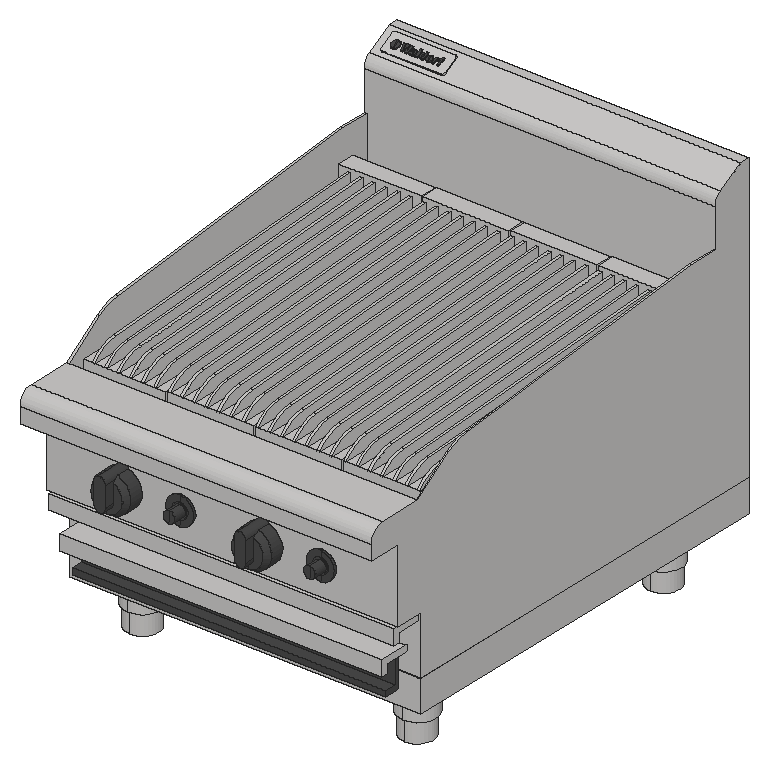
Revit family "QF_MOFFAT WALDORF_CH8600G-B", category Specialty Equipment, Revit 2012
Parameters
  Weight in Pounds = 0
  URL Cutsheet = "www.moffat.com"
  URL = "www.moffat.com"
  Type Mark [instance] = ""
  Status [instance] = ""
  Specification by User [instance] = ""
  Specification by Manufacturer = ""
  Show Logo [instance] = yes
  Serial Number = ""
  Seismic Rating = ""
  SMACNA No = ""
  Revision Code [instance] = ""
  Omniclass Number and Title = ""
  NAFEM Spec ID Number = ""
  Model = "CH8600G-B"
  Mechanical Remarks [instance] = ""
  Mechanical Connection Type [instance] = ""
  Masterspec = ""
  Manufacturer = "MOFFAT WALDORF"
  Item Number [instance] = ""
  Installed By [instance] = ""
  Identify Quantity as Lot [instance] = yes
  Gas Size = 3/4"
  Gas RI Height [instance] = 0 mm
  Gas KW [instance] = 18.3
  Gas Input [instance] = 62556.0 Btu/h
  Gas Connection Height = 0 mm
  Furnished By [instance] = ""
  Foodservice Equipment Identifier [instance] = yes
  Description = "CHARGRILL BENCH MOUNT"
  CSI MasterFormat = ""
  CSI Master Format = ""
  Body Finish = QF_Finishes_Stainless Steel
Reference planes
  plane 1 "BACK": y = 0
  plane 2: z = 0
  plane 3 "LEFT": x = 0
  plane 4 "RIGHT": x = 600
  plane 5 "FRONT": y = -805
  plane 6 "TOP": z = 630
  plane 7 "Center Y": x = 300
  plane 8 "Center X": y = -402.5
Forms (mm)
  Extrusion 1, solid, material "QF_Finishes_Stainless Steel" <- "Body Finish"
    sketch origin (0, 0, 0) x (0, 1, 0) y (0, 0, 1)
      loop
        line (-805, 391) -> (-805, 366) -> (-749, 366) -> (-749, 240) -> (-699, 240) -> (-699, 140) -> (0, 140) -> (0, 630) -> (-16.5, 630) -> (-58.709, 605.631)
        arc (-58.709, 605.631) -> (-66.975, 597.365) -> (-70, 586.074) r 22.582
        line (-70, 586.074) -> (-70, 375) -> (-705, 375) -> (-705, 415) -> (-781, 415)
        arc (-781, 415) -> (-797.971, 407.971) -> (-805, 391) r 24
      loop
        line (0, 85) -> (0, 139.206) -> (-699, 139.206) -> (-699, 85) -> (0, 85)
    from 0 to 600
  Revolve 2, solid, material "QF_Finishes_Stainless Steel" <- "Body Finish"
    sketch origin (535, -735, 0) x (0, 1, 0) y (0, 0, -1)
      loop
        line (78.25, -85) -> (110, -85) -> (110, 0) -> (82.5, 0) -> (82.5, -35) -> (78.25, -35) -> (78.25, -85)
      axis (110, -85) -> (110, 0)
    angle from 0 to 360
  Revolve 3, solid, material "QF_Finishes_Stainless Steel" <- "Body Finish"
    sketch origin (535, -210, 0) x (0, 1, 0) y (0, 0, -1)
      loop
        line (78.25, -85) -> (110, -85) -> (110, 0) -> (82.5, 0) -> (82.5, -35) -> (78.25, -35) -> (78.25, -85)
      axis (110, -85) -> (110, 0)
    angle from 0 to 360
  Revolve 4, solid, material "QF_Finishes_Stainless Steel" <- "Body Finish"
    sketch origin (65, -735, 0) x (0, 1, 0) y (0, 0, 1)
      loop
        line (78.25, 85) -> (78.25, 35) -> (82.5, 35) -> (82.5, 0) -> (110, 0) -> (110, 85) -> (78.25, 85)
      axis (110, 85) -> (110, 0)
    angle from 0 to 360
  Revolve 5, solid, material "QF_Finishes_Stainless Steel" <- "Body Finish"
    sketch origin (65, -210, 0) x (0, 1, 0) y (0, 0, 1)
      loop
        line (78.25, 85) -> (78.25, 35) -> (82.5, 35) -> (82.5, 0) -> (110, 0) -> (110, 85) -> (78.25, 85)
      axis (110, 85) -> (110, 0)
    angle from 0 to 360
  Extrusion 6, solid, material "QF_Finishes_Stainless Steel" <- "Body Finish"
    sketch origin (0, 0, 0) x (0, 1, 0) y (0, 0, 1)
      loop
        line (-121.455, 519.2) -> (-600.057, 473.116)
        arc (-600.057, 473.116) -> (-620.977, 468.81) -> (-640.506, 460.159) r 100
        line (-640.506, 460.159) -> (-705, 415) -> (-705, 375) -> (-70, 375) -> (-70, 519.2) -> (-121.455, 519.2)
    from 0 to 4.5
  Extrusion 7, solid, material "QF_Finishes_Stainless Steel" <- "Body Finish"
    sketch origin (600, 0, 0) x (0, 1, 0) y (0, 0, -1)
      loop
        line (-121.455, -519.2) -> (-70, -519.2) -> (-70, -375) -> (-705, -375) -> (-705, -415) -> (-640.506, -460.159)
        arc (-640.506, -460.159) -> (-620.977, -468.81) -> (-600.057, -473.116) r 100
        line (-600.057, -473.116) -> (-121.455, -519.2)
    from 0 to 3
  Revolve 8, solid, material "QF_Finishes_Black"
    sketch origin (138.112, 0, 0) x (0, 1, 0) y (0, 0, 1)
      loop
        line (-782, 329.5) -> (-793, 323.651) -> (-793, 297) -> (-749, 297) -> (-749, 302) -> (-759, 302) -> (-759, 329.5) -> (-782, 329.5)
      axis (-793, 297) -> (-749, 297)
    angle from 0 to 360
  Extrusion 9, solid, material "QF_Finishes_Black"
    sketch origin (0, 0, 0) x (1, 0, 0) y (0, 0, 1)
      loop
        line (148.3, 289) -> (148.3, 324)
        arc (148.3, 324) -> (138.3, 334) -> (128.3, 324) r 10
        line (128.3, 324) -> (128.3, 289)
        arc (128.3, 289) -> (138.3, 279) -> (148.3, 289) r 10
    from 759 to 808
  Revolve 10, solid, material "QF_Finishes_Black"
    sketch origin (378.544, 0, 0) x (0, 1, 0) y (0, 0, -1)
      loop
        line (-782, -329.5) -> (-759, -329.5) -> (-759, -302) -> (-749, -302) -> (-749, -297) -> (-793, -297) -> (-793, -323.651) -> (-782, -329.5)
      axis (-793, -297) -> (-749, -297)
    angle from 0 to 360
  Extrusion 11, solid, material "QF_Finishes_Black"
    sketch origin (516.656, 0, 0) x (-1, 0, 0) y (0, 0, -1)
      loop
        arc (148.3, -289) -> (138.3, -279) -> (128.3, -289) r 10
        line (128.3, -289) -> (128.3, -324)
        arc (128.3, -324) -> (138.3, -334) -> (148.3, -324) r 10
        line (148.3, -324) -> (148.3, -289)
    from 759 to 808
  Revolve 12, solid, material "QF_Finishes_Black"
    sketch origin (238.3, 0, 0) x (0, 1, 0) y (0, 0, 1)
      loop
        line (-759, 302) -> (-759, 321) -> (-761.705, 321) -> (-761.705, 309.85) -> (-762.85, 309.85) -> (-762.85, 306.825) -> (-784.88, 306.825) -> (-784.88, 297) -> (-749, 297) -> (-749, 302) -> (-759, 302)
      axis (-749, 297) -> (-784.88, 297)
    angle from 0 to 360
  Revolve 13, solid, material "QF_Finishes_Black"
    sketch origin (478.3, 0, 0) x (0, 1, 0) y (0, 0, 1)
      loop
        line (-759, 302) -> (-759, 321) -> (-761.705, 321) -> (-761.705, 309.85) -> (-762.85, 309.85) -> (-762.85, 306.825) -> (-784.88, 306.825) -> (-784.88, 297) -> (-749, 297) -> (-749, 302) -> (-759, 302)
      axis (-749, 297) -> (-784.88, 297)
    angle from 0 to 360
  Extrusion 14, solid, material "QF_Finishes_Stainless Steel"
    sketch origin (276, 0, 0) x (0, 1, 0) y (0, 0, 1)
      loop
        line (-132, 410.364) -> (-132, 462.849) -> (-630.852, 432.53)
        arc (-630.852, 432.53) -> (-656.098, 425.97) -> (-677, 410.364) r 67.81
        line (-677, 410.364) -> (-132, 410.364)
    from 0 to 4.5
  Extrusion 15, solid, material "QF_Finishes_Stainless Steel"
    sketch origin (255, 0, 0) x (0, 1, 0) y (0, 0, 1)
      loop
        line (-132, 410.364) -> (-132, 462.849) -> (-630.852, 432.53)
        arc (-630.852, 432.53) -> (-656.098, 425.97) -> (-677, 410.364) r 67.81
        line (-677, 410.364) -> (-132, 410.364)
    from 0 to 4.5
  Extrusion 16, solid, material "QF_Finishes_Stainless Steel"
    sketch origin (234, 0, 0) x (0, 1, 0) y (0, 0, 1)
      loop
        line (-132, 410.364) -> (-132, 462.849) -> (-630.852, 432.53)
        arc (-630.852, 432.53) -> (-656.098, 425.97) -> (-677, 410.364) r 67.81
        line (-677, 410.364) -> (-132, 410.364)
    from 0 to 4.5
  Extrusion 17, solid, material "QF_Finishes_Stainless Steel"
    sketch origin (213, 0, 0) x (0, 1, 0) y (0, 0, 1)
      loop
        line (-132, 410.364) -> (-132, 462.849) -> (-630.852, 432.53)
        arc (-630.852, 432.53) -> (-656.098, 425.97) -> (-677, 410.364) r 67.81
        line (-677, 410.364) -> (-132, 410.364)
    from 0 to 4.5
  Extrusion 18, solid, material "QF_Finishes_Stainless Steel"
    sketch origin (192, 0, 0) x (0, 1, 0) y (0, 0, 1)
      loop
        line (-132, 410.364) -> (-132, 462.849) -> (-630.852, 432.53)
        arc (-630.852, 432.53) -> (-656.098, 425.97) -> (-677, 410.364) r 67.81
        line (-677, 410.364) -> (-132, 410.364)
    from 0 to 4.5
  Extrusion 19, solid, material "QF_Finishes_Stainless Steel"
    sketch origin (171, 0, 0) x (0, 1, 0) y (0, 0, 1)
      loop
        line (-132, 410.364) -> (-132, 462.849) -> (-630.852, 432.53)
        arc (-630.852, 432.53) -> (-656.098, 425.97) -> (-677, 410.364) r 67.81
        line (-677, 410.364) -> (-132, 410.364)
    from 0 to 4.5
  Extrusion 20, solid, material "QF_Finishes_Stainless Steel"
    sketch origin (150, 0, 0) x (0, 1, 0) y (0, 0, 1)
      loop
        line (-132, 410.364) -> (-132, 462.849) -> (-630.852, 432.53)
        arc (-630.852, 432.53) -> (-656.098, 425.97) -> (-677, 410.364) r 67.81
        line (-677, 410.364) -> (-132, 410.364)
    from 0 to 4.5
  Extrusion 21, solid, material "QF_Finishes_Stainless Steel"
    sketch origin (126, 0, 0) x (0, 1, 0) y (0, 0, 1)
      loop
        line (-132, 410.364) -> (-132, 462.849) -> (-630.852, 432.53)
        arc (-630.852, 432.53) -> (-656.098, 425.97) -> (-677, 410.364) r 67.81
        line (-677, 410.364) -> (-132, 410.364)
    from 0 to 4.5
  Extrusion 22, solid, material "QF_Finishes_Stainless Steel"
    sketch origin (105, 0, 0) x (0, 1, 0) y (0, 0, 1)
      loop
        line (-132, 410.364) -> (-132, 462.849) -> (-630.852, 432.53)
        arc (-630.852, 432.53) -> (-656.098, 425.97) -> (-677, 410.364) r 67.81
        line (-677, 410.364) -> (-132, 410.364)
    from 0 to 4.5
  Extrusion 23, solid, material "QF_Finishes_Stainless Steel"
    sketch origin (84, 0, 0) x (0, 1, 0) y (0, 0, 1)
      loop
        line (-132, 410.364) -> (-132, 462.849) -> (-630.852, 432.53)
        arc (-630.852, 432.53) -> (-656.098, 425.97) -> (-677, 410.364) r 67.81
        line (-677, 410.364) -> (-132, 410.364)
    from 0 to 4.5
  Extrusion 24, solid, material "QF_Finishes_Stainless Steel"
    sketch origin (63, 0, 0) x (0, 1, 0) y (0, 0, 1)
      loop
        line (-132, 410.364) -> (-132, 462.849) -> (-630.852, 432.53)
        arc (-630.852, 432.53) -> (-656.098, 425.97) -> (-677, 410.364) r 67.81
        line (-677, 410.364) -> (-132, 410.364)
    from 0 to 4.5
  Extrusion 25, solid, material "QF_Finishes_Stainless Steel"
    sketch origin (42, 0, 0) x (0, 1, 0) y (0, 0, 1)
      loop
        line (-132, 410.364) -> (-132, 462.849) -> (-630.852, 432.53)
        arc (-630.852, 432.53) -> (-656.098, 425.97) -> (-677, 410.364) r 67.81
        line (-677, 410.364) -> (-132, 410.364)
    from 0 to 4.5
  Extrusion 26, solid, material "QF_Finishes_Stainless Steel"
    sketch origin (21, 0, 0) x (0, 1, 0) y (0, 0, 1)
      loop
        line (-132, 410.364) -> (-132, 462.849) -> (-630.852, 432.53)
        arc (-630.852, 432.53) -> (-656.098, 425.97) -> (-677, 410.364) r 67.81
        line (-677, 410.364) -> (-132, 410.364)
    from 0 to 4.5
  Extrusion 27, solid, material "QF_Finishes_Stainless Steel"
    sketch origin (426, 0, 0) x (0, 1, 0) y (0, 0, 1)
      loop
        line (-132, 410.364) -> (-132, 462.849) -> (-630.852, 432.53)
        arc (-630.852, 432.53) -> (-656.098, 425.97) -> (-677, 410.364) r 67.81
        line (-677, 410.364) -> (-132, 410.364)
    from 0 to 4.5
  Extrusion 28, solid, material "QF_Finishes_Stainless Steel"
    sketch origin (405, 0, 0) x (0, 1, 0) y (0, 0, 1)
      loop
        line (-132, 410.364) -> (-132, 462.849) -> (-630.852, 432.53)
        arc (-630.852, 432.53) -> (-656.098, 425.97) -> (-677, 410.364) r 67.81
        line (-677, 410.364) -> (-132, 410.364)
    from 0 to 4.5
  Extrusion 29, solid, material "QF_Finishes_Stainless Steel"
    sketch origin (384, 0, 0) x (0, 1, 0) y (0, 0, 1)
      loop
        line (-132, 410.364) -> (-132, 462.849) -> (-630.852, 432.53)
        arc (-630.852, 432.53) -> (-656.098, 425.97) -> (-677, 410.364) r 67.81
        line (-677, 410.364) -> (-132, 410.364)
    from 0 to 4.5
  Extrusion 30, solid, material "QF_Finishes_Stainless Steel"
    sketch origin (363, 0, 0) x (0, 1, 0) y (0, 0, 1)
      loop
        line (-132, 410.364) -> (-132, 462.849) -> (-630.852, 432.53)
        arc (-630.852, 432.53) -> (-656.098, 425.97) -> (-677, 410.364) r 67.81
        line (-677, 410.364) -> (-132, 410.364)
    from 0 to 4.5
  Extrusion 31, solid, material "QF_Finishes_Stainless Steel"
    sketch origin (342, 0, 0) x (0, 1, 0) y (0, 0, 1)
      loop
        line (-132, 410.364) -> (-132, 462.849) -> (-630.852, 432.53)
        arc (-630.852, 432.53) -> (-656.098, 425.97) -> (-677, 410.364) r 67.81
        line (-677, 410.364) -> (-132, 410.364)
    from 0 to 4.5
  Extrusion 32, solid, material "QF_Finishes_Stainless Steel"
    sketch origin (321, 0, 0) x (0, 1, 0) y (0, 0, 1)
      loop
        line (-132, 410.364) -> (-132, 462.849) -> (-630.852, 432.53)
        arc (-630.852, 432.53) -> (-656.098, 425.97) -> (-677, 410.364) r 67.81
        line (-677, 410.364) -> (-132, 410.364)
    from 0 to 4.5
  Extrusion 33, solid, material "QF_Finishes_Stainless Steel"
    sketch origin (300, 0, 0) x (0, 1, 0) y (0, 0, 1)
      loop
        line (-132, 410.364) -> (-132, 462.849) -> (-630.852, 432.53)
        arc (-630.852, 432.53) -> (-656.098, 425.97) -> (-677, 410.364) r 67.81
        line (-677, 410.364) -> (-132, 410.364)
    from 0 to 4.5
  Extrusion 34, solid, material "QF_Finishes_Stainless Steel"
    sketch origin (576, 0, 0) x (0, 1, 0) y (0, 0, 1)
      loop
        line (-132, 410.364) -> (-132, 462.849) -> (-630.852, 432.53)
        arc (-630.852, 432.53) -> (-656.098, 425.97) -> (-677, 410.364) r 67.81
        line (-677, 410.364) -> (-132, 410.364)
    from 0 to 4.5
  Extrusion 35, solid, material "QF_Finishes_Stainless Steel"
    sketch origin (555, 0, 0) x (0, 1, 0) y (0, 0, 1)
      loop
        line (-132, 410.364) -> (-132, 462.849) -> (-630.852, 432.53)
        arc (-630.852, 432.53) -> (-656.098, 425.97) -> (-677, 410.364) r 67.81
        line (-677, 410.364) -> (-132, 410.364)
    from 0 to 4.5
  Extrusion 36, solid, material "QF_Finishes_Stainless Steel"
    sketch origin (534, 0, 0) x (0, 1, 0) y (0, 0, 1)
      loop
        line (-132, 410.364) -> (-132, 462.849) -> (-630.852, 432.53)
        arc (-630.852, 432.53) -> (-656.098, 425.97) -> (-677, 410.364) r 67.81
        line (-677, 410.364) -> (-132, 410.364)
    from 0 to 4.5
  Extrusion 37, solid, material "QF_Finishes_Stainless Steel"
    sketch origin (513, 0, 0) x (0, 1, 0) y (0, 0, 1)
      loop
        line (-132, 410.364) -> (-132, 462.849) -> (-630.852, 432.53)
        arc (-630.852, 432.53) -> (-656.098, 425.97) -> (-677, 410.364) r 67.81
        line (-677, 410.364) -> (-132, 410.364)
    from 0 to 4.5
  Extrusion 38, solid, material "QF_Finishes_Stainless Steel"
    sketch origin (492, 0, 0) x (0, 1, 0) y (0, 0, 1)
      loop
        line (-132, 410.364) -> (-132, 462.849) -> (-630.852, 432.53)
        arc (-630.852, 432.53) -> (-656.098, 425.97) -> (-677, 410.364) r 67.81
        line (-677, 410.364) -> (-132, 410.364)
    from 0 to 4.5
  Extrusion 39, solid, material "QF_Finishes_Stainless Steel"
    sketch origin (471, 0, 0) x (0, 1, 0) y (0, 0, 1)
      loop
        line (-132, 410.364) -> (-132, 462.849) -> (-630.852, 432.53)
        arc (-630.852, 432.53) -> (-656.098, 425.97) -> (-677, 410.364) r 67.81
        line (-677, 410.364) -> (-132, 410.364)
    from 0 to 4.5
  Extrusion 40, solid, material "QF_Finishes_Stainless Steel"
    sketch origin (450, 0, 0) x (0, 1, 0) y (0, 0, 1)
      loop
        line (-132, 410.364) -> (-132, 462.849) -> (-630.852, 432.53)
        arc (-630.852, 432.53) -> (-656.098, 425.97) -> (-677, 410.364) r 67.81
        line (-677, 410.364) -> (-132, 410.364)
    from 0 to 4.5
  Extrusion 41, solid, material "QF_Finishes_Stainless Steel"
    sketch origin (1, 3, -500) x (1, 0, 0) y (0, 1, 0)
      loop
        circle (215, -35) r 13.5
    from 555 to 585
  Extrusion 42, solid, material "QF_Finishes_Black"
    sketch origin (1, 0, 0) x (0, 1, 0) y (0, 0, 1)
      loop
        line (-704, 171.797) -> (-704, 118.047) -> (-724, 118.047) -> (-724, 108.047) -> (-685.346, 108.047) -> (-685.346, 171.797) -> (-704, 171.797)
    from 24.12 to 559
  Extrusion 43, solid, material "QF_Finishes_Stainless Steel"
    sketch origin (0, 0, 0) x (0, 1, 0) y (0, 0, 1)
      loop
        line (-751.27, 211.219) -> (-741.27, 211.219) -> (-741.27, 226.219) -> (-699, 226.219) -> (-699, 236.219) -> (-751.27, 236.219) -> (-751.27, 211.219)
    from 5.013 to 595
  Extrusion 44, solid, material "QF_Finishes_Stainless Steel"
    sketch origin (0, 0, -54.422) x (0, 1, 0) y (0, 0, 1)
      loop
        line (-751.27, 211.219) -> (-741.27, 211.219) -> (-741.27, 226.219) -> (-685.346, 226.219) -> (-685.346, 236.219) -> (-751.27, 236.219) -> (-751.27, 211.219)
    from 25.12 to 575.007
  Extrusion 45, solid, material "QF_Finishes_Stainless Steel"
    sketch origin (0, 0, 0) x (0, 1, 0) y (0, 0, 1)
      loop
        line (-132, 410.364) -> (-677, 410.364) -> (-677, 375) -> (-102, 375) -> (-102, 470) -> (-132, 470) -> (-132, 410.364)
    from 4.5 to 147
  Extrusion 46, solid, material "QF_Finishes_Stainless Steel"
    sketch origin (145.5, 0, 0) x (0, 1, 0) y (0, 0, 1)
      loop
        line (-132, 410.364) -> (-677, 410.364) -> (-677, 375) -> (-102, 375) -> (-102, 470) -> (-132, 470) -> (-132, 410.364)
    from 4.5 to 151.5
  Extrusion 47, solid, material "QF_Finishes_Stainless Steel"
    sketch origin (295.5, 0, 0) x (0, 1, 0) y (0, 0, 1)
      loop
        line (-132, 410.364) -> (-677, 410.364) -> (-677, 375) -> (-102, 375) -> (-102, 470) -> (-132, 470) -> (-132, 410.364)
    from 4.5 to 151.5
  Extrusion 48, solid, material "QF_Finishes_Stainless Steel"
    sketch origin (445.5, 0, 0) x (0, 1, 0) y (0, 0, 1)
      loop
        line (-132, 410.364) -> (-677, 410.364) -> (-677, 375) -> (-102, 375) -> (-102, 470) -> (-132, 470) -> (-132, 410.364)
    from 4.5 to 151.5
Cuts and joins
  joined: Revolve 8, Extrusion 9
  joined: Revolve 10, Extrusion 11
  joined: Extrusion 1, Extrusion 6, Extrusion 7
Lines and regions (mm)
  Split face 1
    outline origin (0, -16.5, 630) x (0, -0.866025, -0.5) y (1, 0, 0)
      loop
        line (1.962, 129.583) -> (34.599, 129.583) -> (34.599, 149.583) -> (1.962, 149.583) -> (1.962, 129.583)
  Split face 2
    outline origin (0, -16.5, 630) x (0, -0.866025, -0.5) y (1, 0, 0)
      loop
        line (34.599, 156.5) -> (34.599, 176.5) -> (1.962, 176.5) -> (1.962, 156.5) -> (34.599, 156.5)
  Split face 3
    outline origin (0, -16.5, 630) x (0, -0.866025, -0.5) y (1, 0, 0)
      loop
        line (34.599, 203.5) -> (1.962, 203.5) -> (1.962, 183.5) -> (34.599, 183.5) -> (34.599, 203.5)
  Split face 4
    outline origin (0, -16.5, 630) x (0, -0.866025, -0.5) y (1, 0, 0)
      loop
        line (34.599, 230.5) -> (1.962, 230.5) -> (1.962, 210.5) -> (34.599, 210.5) -> (34.599, 230.5)
  Split face 5
    outline origin (0, -16.5, 630) x (0, -0.866025, -0.5) y (1, 0, 0)
      loop
        line (34.599, 257.5) -> (1.962, 257.5) -> (1.962, 237.5) -> (34.599, 237.5) -> (34.599, 257.5)
  Split face 6
    outline origin (0, -16.5, 630) x (0, -0.866025, -0.5) y (1, 0, 0)
      loop
        line (34.599, 264.5) -> (34.599, 284.5) -> (1.962, 284.5) -> (1.962, 264.5) -> (34.599, 264.5)
  Split face 7
    outline origin (0, -16.5, 630) x (0, -0.866025, -0.5) y (1, 0, 0)
      loop
        line (34.599, 311.5) -> (1.962, 311.5) -> (1.962, 291.5) -> (34.599, 291.5) -> (34.599, 311.5)
  Split face 8
    outline origin (0, -16.5, 630) x (0, -0.866025, -0.5) y (1, 0, 0)
      loop
        line (1.962, 338.5) -> (1.962, 318.5) -> (34.599, 318.5) -> (34.599, 338.5) -> (1.962, 338.5)
  Split face 9
    outline origin (0, -16.5, 630) x (0, -0.866025, -0.5) y (1, 0, 0)
      loop
        line (1.962, 345.5) -> (34.599, 345.5) -> (34.599, 365.5) -> (1.962, 365.5) -> (1.962, 345.5)
  Split face 10
    outline origin (0, -16.5, 630) x (0, -0.866025, -0.5) y (1, 0, 0)
      loop
        line (34.599, 372.5) -> (34.599, 392.5) -> (1.962, 392.5) -> (1.962, 372.5) -> (34.599, 372.5)
  Split face 11
    outline origin (0, -16.5, 630) x (0, -0.866025, -0.5) y (1, 0, 0)
      loop
        line (34.599, 399.5) -> (34.599, 419.5) -> (1.962, 419.5) -> (1.962, 399.5) -> (34.599, 399.5)
  Split face 12
    outline origin (0, -16.5, 630) x (0, -0.866025, -0.5) y (1, 0, 0)
      loop
        line (34.599, 426.5) -> (34.599, 446.5) -> (1.962, 446.5) -> (1.962, 426.5) -> (34.599, 426.5)
  Split face 13
    outline origin (0, -16.5, 630) x (0, -0.866025, -0.5) y (1, 0, 0)
      loop
        line (1.962, 453.5) -> (34.599, 453.5) -> (34.599, 473.5) -> (1.962, 473.5) -> (1.962, 453.5)
  Split face 14
    outline origin (600, -699, 240) x (-1, 0, 0) y (0, 0, -1)
      loop
        line (574.88, 98.75) -> (24.993, 98.75) -> (24.993, 1.25) -> (574.88, 1.25) -> (574.88, 98.75)
  symbolic lines
    curve 1: line (0, 0, 0) -> (0, -805, 0)
    curve 2: line (600, 0, 0) -> (0, 0, 0)
    curve 3: line (600, -805, 0) -> (600, 0, 0)
    curve 4: line (0, -70, 0) -> (600, -70, 0)
    curve 5: line (0, -805, 0) -> (600, -805, 0)
    curve 6: line (12.5, -51.234, 0) -> (12.5, -20.958, 0)
    curve 7: line (12.5, -20.958, 0) -> (121.5, -20.958, 0)
    curve 8: line (12.5, -51.234, 0) -> (121.5, -51.234, 0)
    curve 9: line (121.5, -20.958, 0) -> (121.5, -51.234, 0)
    curve 10: line (129.583, -22.262, 0) -> (129.583, -50.526, 0)
    curve 11: line (129.583, -50.526, 0) -> (149.583, -50.526, 0)
    curve 12: line (149.583, -50.526, 0) -> (149.583, -22.262, 0)
    curve 13: line (149.583, -22.262, 0) -> (129.583, -22.262, 0)
    curve 14: line (156.5, -22.262, 0) -> (156.5, -50.526, 0)
    curve 15: line (156.5, -50.526, 0) -> (176.5, -50.526, 0)
    curve 16: line (176.5, -50.526, 0) -> (176.5, -22.262, 0)
    curve 17: line (176.5, -22.262, 0) -> (156.5, -22.262, 0)
    curve 18: line (183.5, -22.262, 0) -> (183.5, -50.526, 0)
    curve 19: line (183.5, -50.526, 0) -> (203.5, -50.526, 0)
    curve 20: line (203.5, -50.526, 0) -> (203.5, -22.262, 0)
    curve 21: line (203.5, -22.262, 0) -> (183.5, -22.262, 0)
    curve 22: line (210.5, -22.262, 0) -> (210.5, -50.526, 0)
    curve 23: line (210.5, -50.526, 0) -> (230.5, -50.526, 0)
    curve 24: line (230.5, -50.526, 0) -> (230.5, -22.262, 0)
    curve 25: line (230.5, -22.262, 0) -> (210.5, -22.262, 0)
    curve 26: line (237.5, -22.262, 0) -> (237.5, -50.526, 0)
    curve 27: line (237.5, -50.526, 0) -> (257.5, -50.526, 0)
    curve 28: line (257.5, -50.526, 0) -> (257.5, -22.262, 0)
    curve 29: line (257.5, -22.262, 0) -> (237.5, -22.262, 0)
    curve 30: line (264.5, -22.262, 0) -> (264.5, -50.526, 0)
    curve 31: line (264.5, -50.526, 0) -> (284.5, -50.526, 0)
    curve 32: line (284.5, -50.526, 0) -> (284.5, -22.262, 0)
    curve 33: line (284.5, -22.262, 0) -> (264.5, -22.262, 0)
    curve 34: line (291.5, -22.262, 0) -> (291.5, -50.526, 0)
    curve 35: line (291.5, -50.526, 0) -> (311.5, -50.526, 0)
    curve 36: line (311.5, -50.526, 0) -> (311.5, -22.262, 0)
    curve 37: line (311.5, -22.262, 0) -> (291.5, -22.262, 0)
    curve 38: line (318.5, -22.262, 0) -> (318.5, -50.526, 0)
    curve 39: line (318.5, -50.526, 0) -> (338.5, -50.526, 0)
    curve 40: line (338.5, -50.526, 0) -> (338.5, -22.262, 0)
    curve 41: line (338.5, -22.262, 0) -> (318.5, -22.262, 0)
    curve 42: line (345.5, -22.262, 0) -> (345.5, -50.526, 0)
    curve 43: line (345.5, -50.526, 0) -> (365.5, -50.526, 0)
    curve 44: line (365.5, -50.526, 0) -> (365.5, -22.262, 0)
    curve 45: line (365.5, -22.262, 0) -> (345.5, -22.262, 0)
    curve 46: line (372.5, -22.262, 0) -> (372.5, -50.526, 0)
    curve 47: line (372.5, -50.526, 0) -> (392.5, -50.526, 0)
    curve 48: line (392.5, -50.526, 0) -> (392.5, -22.262, 0)
    curve 49: line (392.5, -22.262, 0) -> (372.5, -22.262, 0)
    curve 50: line (399.5, -22.262, 0) -> (399.5, -50.526, 0)
    curve 51: line (399.5, -50.526, 0) -> (419.5, -50.526, 0)
    curve 52: line (419.5, -50.526, 0) -> (419.5, -22.262, 0)
    curve 53: line (419.5, -22.262, 0) -> (399.5, -22.262, 0)
    curve 54: line (426.5, -22.262, 0) -> (426.5, -50.526, 0)
    curve 55: line (426.5, -50.526, 0) -> (446.5, -50.526, 0)
    curve 56: line (446.5, -50.526, 0) -> (446.5, -22.262, 0)
    curve 57: line (446.5, -22.262, 0) -> (426.5, -22.262, 0)
    curve 58: line (453.5, -22.262, 0) -> (453.5, -50.526, 0)
    curve 59: line (453.5, -50.526, 0) -> (473.5, -50.526, 0)
    curve 60: line (473.5, -50.526, 0) -> (473.5, -22.262, 0)
    curve 61: line (473.5, -22.262, 0) -> (453.5, -22.262, 0)
    curve 62: line (600, -705, 0) -> (0, -705, 0)
    curve 63: line (4.5, -705, 0) -> (4.5, -70, 0)
    curve 64: line (597, -70, 0) -> (597, -705, 0)
Dimensions and locks
  equal spacing: plane 3 "LEFT", plane 7 "Center Y", plane 4 "RIGHT"
  plane 3 "LEFT" to plane 4 "RIGHT" = 600 mm
  equal spacing: plane 5 "FRONT", plane 8 "Center X", plane 1 "BACK"
  plane 5 "FRONT" to plane 1 "BACK" = 805 mm  (x2)
  equal spacing: plane 4 "RIGHT", plane 7 "Center Y", plane 3 "LEFT"
  plane 4 "RIGHT" to plane 3 "LEFT" = 600 mm
  plane 6 "TOP" to level = 630 mm  (x2)
  cut or joined group of Extrusion 1, Extrusion 6, Extrusion 7 to level = 415 mm
  Extrusion 41 to level = 55 mm
  Extrusion 41 to plane 1 "BACK" = 32 mm
  cut or joined group of Extrusion 1, Extrusion 6, Extrusion 7 to plane 1 "BACK" = 70 mm
  level to cut or joined group of Extrusion 1, Extrusion 6, Extrusion 7 = 85 mm
  aligned and locked: level to plane 2
  aligned and locked: curve 3 to plane 4 "RIGHT"
  aligned and locked: Extrusion 42 to Extrusion 44
Automatic sketch dimensions
  plane 1 "BACK" to curve 1 = 0 mm
  curve 1 to plane 3 "LEFT" = 0 mm
  plane 5 "FRONT" to curve 5 = 0 mm
  plane 3 "LEFT" to curve 8 = 12.5 mm
  plane 1 "BACK" to curve 9 = 20.958 mm
  curve 6 to curve 9 = 109 mm
  curve 8 to curve 10 = 8.083 mm
  curve 10 to curve 12 = 20 mm
  curve 11 to curve 14 = 6.917 mm
  curve 14 to curve 16 = 20 mm
  curve 15 to curve 18 = 7 mm
  curve 18 to curve 19 = 20 mm
  curve 20 to curve 25 = 7 mm
  curve 22 to curve 25 = 20 mm
  curve 23 to curve 27 = 7 mm
  curve 26 to curve 27 = 20 mm
  curve 28 to curve 30 = 7 mm
  curve 32 to plane 7 "Center Y" = 15.5 mm
  curve 31 to curve 34 = 7 mm
  plane 7 "Center Y" to curve 37 = 11.5 mm
  curve 36 to curve 41 = 7 mm
  curve 38 to curve 40 = 20 mm
  curve 40 to curve 45 = 7 mm
  curve 42 to curve 44 = 20 mm
  curve 44 to curve 49 = 7 mm
  curve 46 to curve 48 = 20 mm
  curve 48 to curve 53 = 7 mm
  curve 50 to curve 52 = 20 mm
  curve 51 to curve 54 = 7 mm
  curve 54 to curve 56 = 20 mm
  curve 56 to curve 58 = 7 mm
  curve 58 to curve 61 = 20 mm
  curve 4 to curve 6 = 49.042 mm
  curve 4 to curve 6 = 18.766 mm
  plane 1 "BACK" to curve 59 = 50.526 mm
  curve 55 to curve 58 = 0 mm
  plane 1 "BACK" to curve 31 = 50.526 mm
  curve 52 to curve 54 = 0 mm  (x2)
  curve 8 to curve 10 = 0.709 mm
  curve 48 to curve 50 = 0 mm  (x2)
  curve 11 to curve 14 = 0 mm
  curve 44 to curve 46 = 0 mm  (x2)
  curve 15 to curve 18 = 0 mm
  curve 40 to curve 42 = 0 mm  (x2)
  curve 19 to curve 22 = 0 mm
  curve 36 to curve 38 = 0 mm  (x2)
  curve 23 to curve 26 = 0 mm
  plane 1 "BACK" to curve 61 = 22.262 mm
  plane 1 "BACK" to curve 32 = 22.262 mm
  curve 32 to curve 34 = 0 mm
  plane 1 "BACK" to curve 29 = 22.262 mm
  plane 1 "BACK" to curve 25 = 22.262 mm
  plane 1 "BACK" to curve 21 = 22.262 mm
  plane 1 "BACK" to curve 17 = 22.262 mm
  curve 13 to curve 7 = 1.304 mm
  Extrusion 1 sketch curve to plane 5 "FRONT" = 0 mm
  Extrusion 1 sketch curve to plane 6 "TOP" = 0 mm
  Extrusion 1 sketch curve to plane 1 "BACK" = 0 mm  (x2)
  Extrusion 1 sketch curve to Extrusion 1 sketch curve = 24 mm
  Extrusion 1 sketch curve to plane 5 "FRONT" = 56 mm
  Extrusion 1 sketch curve to Extrusion 1 sketch curve = 44 mm
  Extrusion 1 sketch curve to Extrusion 1 sketch curve = 50 mm
  Extrusion 1 sketch curve to Extrusion 1 sketch curve = 0 mm
  plane 1 "BACK" to Extrusion 1 sketch curve = 70 mm
  Extrusion 1 sketch curve to Extrusion 1 sketch curve = 11.291 mm
  Extrusion 1 sketch curve to Extrusion 1 sketch curve = 22.582 mm
  plane 1 "BACK" to Extrusion 1 sketch curve = 16.5 mm
  Extrusion 1 sketch curve to plane 6 "TOP" = 24.369 mm
  Extrusion 1 sketch curve to plane 6 "TOP" = 215 mm
  Extrusion 1 sketch curve to Extrusion 1 sketch curve = 211.074 mm
  Extrusion 1 sketch curve to Extrusion 1 sketch curve = 25 mm
  Extrusion 1 sketch curve to Extrusion 1 sketch curve = 135 mm
  Extrusion 1 sketch curve to Extrusion 1 sketch curve = 100 mm
  Extrusion 1 sketch curve to Extrusion 1 sketch curve = 0.794 mm
  Extrusion 1 sketch curve to Extrusion 1 sketch curve = 54.206 mm
  Revolve 2 sketch curve to level = 0 mm
  Revolve 2 sketch curve to Revolve 2 sketch curve = 4.25 mm
  Revolve 2 sketch curve to Revolve 2 sketch curve = 31.75 mm
  Revolve 2 sketch curve to Revolve 2 sketch curve = 0 mm
  level to Revolve 2 sketch curve = 35 mm
  Revolve 2 sketch curve to Revolve 2 sketch curve = 15 mm
  Revolve 2 sketch curve to Revolve 2 sketch curve = 35 mm
  Revolve 2 sketch curve to Revolve 2 sketch curve = 55 mm
  Extrusion 1 to Split face 1 sketch curve = 1.962 mm
  Split face 1 sketch curve to Extrusion 1 = 14.14 mm
  Split face 1 sketch curve to Extrusion 1 = 129.583 mm
  Split face 1 sketch curve to Split face 1 sketch curve = 20 mm
  Extrusion 1 to Split face 2 sketch curve = 1.962 mm
  Split face 2 sketch curve to Extrusion 1 = 14.14 mm
  Split face 2 sketch curve to Extrusion 1 = 156.5 mm
  Split face 2 sketch curve to Split face 2 sketch curve = 20 mm
  Extrusion 1 to Split face 3 sketch curve = 1.962 mm
  Split face 3 sketch curve to Extrusion 1 = 14.14 mm
  Split face 3 sketch curve to Extrusion 1 = 183.5 mm
  Split face 3 sketch curve to Split face 3 sketch curve = 20 mm
  Extrusion 1 to Split face 4 sketch curve = 1.962 mm
  Split face 4 sketch curve to Extrusion 1 = 14.14 mm
  Split face 4 sketch curve to Extrusion 1 = 210.5 mm
  Split face 4 sketch curve to Split face 4 sketch curve = 20 mm
  Extrusion 1 to Split face 5 sketch curve = 1.962 mm
  Split face 5 sketch curve to Extrusion 1 = 14.14 mm
  Split face 5 sketch curve to Extrusion 1 = 237.5 mm
  Split face 5 sketch curve to Split face 5 sketch curve = 20 mm
  Extrusion 1 to Split face 6 sketch curve = 1.962 mm
  Split face 6 sketch curve to Extrusion 1 = 14.14 mm
  Split face 6 sketch curve to Extrusion 1 = 264.5 mm
  Split face 6 sketch curve to Split face 6 sketch curve = 20 mm
  Extrusion 1 to Split face 7 sketch curve = 1.962 mm
  Split face 7 sketch curve to Extrusion 1 = 14.14 mm
  Split face 7 sketch curve to Extrusion 1 = 291.5 mm
  Split face 7 sketch curve to Split face 7 sketch curve = 20 mm
  Extrusion 1 to Split face 8 sketch curve = 1.962 mm
  Split face 8 sketch curve to Extrusion 1 = 14.14 mm
  Split face 8 sketch curve to Extrusion 1 = 281.5 mm
  Split face 8 sketch curve to Split face 8 sketch curve = 20 mm
  Extrusion 1 to Split face 9 sketch curve = 1.962 mm
  Split face 9 sketch curve to Extrusion 1 = 14.14 mm
  Split face 9 sketch curve to Extrusion 1 = 254.5 mm
  Split face 9 sketch curve to Split face 9 sketch curve = 20 mm
  Extrusion 1 to Split face 10 sketch curve = 1.962 mm
  Split face 10 sketch curve to Extrusion 1 = 14.14 mm
  Split face 10 sketch curve to Extrusion 1 = 227.5 mm
  Split face 10 sketch curve to Split face 10 sketch curve = 20 mm
  Extrusion 1 to Split face 11 sketch curve = 1.962 mm
  Split face 11 sketch curve to Extrusion 1 = 14.14 mm
  Split face 11 sketch curve to Extrusion 1 = 200.5 mm
  Split face 11 sketch curve to Split face 11 sketch curve = 20 mm
  Extrusion 1 to Split face 12 sketch curve = 1.962 mm
  Split face 12 sketch curve to Extrusion 1 = 14.14 mm
  Split face 12 sketch curve to Extrusion 1 = 173.5 mm
  Split face 12 sketch curve to Split face 12 sketch curve = 20 mm
  Extrusion 1 to Split face 13 sketch curve = 1.962 mm
  Split face 13 sketch curve to Extrusion 1 = 14.14 mm
  Split face 13 sketch curve to Extrusion 1 = 146.5 mm
  Split face 13 sketch curve to Split face 13 sketch curve = 20 mm
  Revolve 3 sketch curve to level = 0 mm
  Revolve 3 sketch curve to Revolve 3 sketch curve = 4.25 mm
  Revolve 3 sketch curve to Revolve 3 sketch curve = 31.75 mm
  Revolve 3 sketch curve to Revolve 3 sketch curve = 0 mm
  level to Revolve 3 sketch curve = 35 mm
  Revolve 3 sketch curve to Revolve 3 sketch curve = 15 mm
  Revolve 3 sketch curve to Revolve 3 sketch curve = 35 mm
  Revolve 3 sketch curve to Revolve 3 sketch curve = 55 mm
  Revolve 4 sketch curve to level = 0 mm
  Revolve 4 sketch curve to Revolve 4 sketch curve = 4.25 mm
  Revolve 4 sketch curve to Revolve 4 sketch curve = 31.75 mm
  Revolve 4 sketch curve to Revolve 4 sketch curve = 0 mm
  Revolve 4 sketch curve to Revolve 4 sketch curve = 55 mm
  level to Revolve 4 sketch curve = 35 mm
  Revolve 4 sketch curve to Revolve 4 sketch curve = 15 mm
  Revolve 4 sketch curve to Revolve 4 sketch curve = 50 mm
  Revolve 5 sketch curve to level = 0 mm
  Revolve 5 sketch curve to Revolve 5 sketch curve = 4.25 mm
  Revolve 5 sketch curve to Revolve 5 sketch curve = 31.75 mm
  Revolve 5 sketch curve to Revolve 5 sketch curve = 0 mm
  Revolve 5 sketch curve to Revolve 5 sketch curve = 55 mm
  level to Revolve 5 sketch curve = 35 mm
  Revolve 5 sketch curve to Revolve 5 sketch curve = 15 mm
  Revolve 5 sketch curve to Revolve 5 sketch curve = 50 mm
  Extrusion 6 sketch curve to plane 5 "FRONT" = 100 mm
  Extrusion 6 sketch curve to Extrusion 6 sketch curve = 64.494 mm
  Extrusion 6 sketch curve to Extrusion 6 sketch curve = 40.449 mm
  Extrusion 6 sketch curve to Extrusion 6 sketch curve = 9.585 mm
  plane 1 "BACK" to Extrusion 6 sketch curve = 121.455 mm
  Extrusion 6 sketch curve to Extrusion 6 sketch curve = 51.455 mm
  Extrusion 6 sketch curve to plane 6 "TOP" = 256.424 mm
  Extrusion 6 sketch curve to Extrusion 6 sketch curve = 1.424 mm
  Extrusion 6 sketch curve to Extrusion 6 sketch curve = 40 mm
  Extrusion 6 sketch curve to Extrusion 6 sketch curve = 45.159 mm
  Extrusion 6 sketch curve to plane 6 "TOP" = 110.8 mm
  Extrusion 7 sketch curve to plane 5 "FRONT" = 100 mm
  Extrusion 7 sketch curve to Extrusion 7 sketch curve = 64.494 mm
  Extrusion 7 sketch curve to Extrusion 7 sketch curve = 40.449 mm
  Extrusion 7 sketch curve to Extrusion 7 sketch curve = 9.585 mm
  plane 1 "BACK" to Extrusion 7 sketch curve = 121.455 mm
  Extrusion 7 sketch curve to Extrusion 7 sketch curve = 51.455 mm
  Extrusion 7 sketch curve to plane 6 "TOP" = 110.8 mm
  Extrusion 7 sketch curve to plane 6 "TOP" = 156.884 mm
  Extrusion 7 sketch curve to Extrusion 7 sketch curve = 12.957 mm
  Extrusion 7 sketch curve to Extrusion 7 sketch curve = 45.159 mm
  Extrusion 7 sketch curve to Extrusion 7 sketch curve = 40 mm
  Revolve 8 sketch curve to plane 5 "FRONT" = 12 mm
  Revolve 8 sketch curve to Revolve 8 sketch curve = 0 mm  (x2)
  Revolve 8 sketch curve to Revolve 8 sketch curve = 11 mm
  Revolve 8 sketch curve to Revolve 8 sketch curve = 12.7 mm
  Revolve 8 sketch curve to Revolve 8 sketch curve = 23 mm
  Revolve 8 sketch curve to Revolve 8 sketch curve = 10 mm
  Revolve 8 sketch curve to plane 6 "TOP" = 333 mm
  Revolve 8 sketch curve to Revolve 8 sketch curve = 5 mm
  Revolve 8 sketch curve to Revolve 8 sketch curve = 26.651 mm
  Revolve 8 sketch curve to Revolve 8 sketch curve = 5.849 mm
  plane 3 "LEFT" to Extrusion 9 sketch curve = 128.3 mm
  Extrusion 9 sketch curve to Extrusion 9 sketch curve = 10 mm
  Extrusion 9 sketch curve to plane 6 "TOP" = 341 mm
  Extrusion 9 sketch curve to Extrusion 9 sketch curve = 35 mm
  Revolve 10 sketch curve to plane 5 "FRONT" = 12 mm
  Revolve 10 sketch curve to Revolve 10 sketch curve = 0 mm  (x2)
  Revolve 10 sketch curve to Revolve 10 sketch curve = 11 mm
  Revolve 10 sketch curve to Revolve 10 sketch curve = 12.7 mm
  Revolve 10 sketch curve to Revolve 10 sketch curve = 23 mm
  Revolve 10 sketch curve to Revolve 10 sketch curve = 10 mm
  Revolve 10 sketch curve to plane 6 "TOP" = 300.5 mm
  Revolve 10 sketch curve to Revolve 10 sketch curve = 5.849 mm
  Revolve 10 sketch curve to Revolve 10 sketch curve = 27.5 mm
  Revolve 10 sketch curve to Revolve 10 sketch curve = 5 mm
  plane 7 "Center Y" to Extrusion 11 sketch curve = 88.356 mm
  Extrusion 11 sketch curve to Extrusion 11 sketch curve = 10 mm
  Extrusion 11 sketch curve to plane 6 "TOP" = 306 mm
  Extrusion 11 sketch curve to Extrusion 11 sketch curve = 35 mm
  Revolve 12 sketch curve to plane 5 "FRONT" = 20.12 mm
  Revolve 12 sketch curve to Revolve 12 sketch curve = 6.83 mm
  Revolve 12 sketch curve to Revolve 12 sketch curve = 15.2 mm
  Revolve 12 sketch curve to Revolve 12 sketch curve = 1.144 mm
  Revolve 12 sketch curve to Revolve 12 sketch curve = 3.85 mm
  Revolve 12 sketch curve to Revolve 12 sketch curve = 0 mm  (x2)
  Revolve 12 sketch curve to Revolve 12 sketch curve = 10 mm
  Revolve 12 sketch curve to plane 6 "TOP" = 333 mm
  Revolve 12 sketch curve to Revolve 12 sketch curve = 5 mm
  Revolve 12 sketch curve to Revolve 12 sketch curve = 4.825 mm
  Revolve 12 sketch curve to Revolve 12 sketch curve = 3.025 mm
  Revolve 12 sketch curve to Revolve 12 sketch curve = 11.15 mm
  Revolve 13 sketch curve to plane 5 "FRONT" = 20.12 mm
  Revolve 13 sketch curve to Revolve 13 sketch curve = 6.83 mm
  Revolve 13 sketch curve to Revolve 13 sketch curve = 15.2 mm
  Revolve 13 sketch curve to Revolve 13 sketch curve = 1.144 mm
  Revolve 13 sketch curve to Revolve 13 sketch curve = 3.85 mm
  Revolve 13 sketch curve to Revolve 13 sketch curve = 0 mm  (x2)
  Revolve 13 sketch curve to Revolve 13 sketch curve = 10 mm
  Revolve 13 sketch curve to plane 6 "TOP" = 333 mm
  Revolve 13 sketch curve to Revolve 13 sketch curve = 5 mm
  Revolve 13 sketch curve to Revolve 13 sketch curve = 4.825 mm
  Revolve 13 sketch curve to Revolve 13 sketch curve = 3.025 mm
  Revolve 13 sketch curve to Revolve 13 sketch curve = 11.15 mm
  Extrusion 14 sketch curve to plane 5 "FRONT" = 128 mm
  Extrusion 14 sketch curve to Extrusion 14 sketch curve = 46.148 mm
  Extrusion 14 sketch curve to Extrusion 14 sketch curve = 4.114 mm
  plane 1 "BACK" to Extrusion 14 sketch curve = 132 mm
  Extrusion 14 sketch curve to plane 6 "TOP" = 265.155 mm
  Extrusion 14 sketch curve to plane 6 "TOP" = 219.636 mm
  Extrusion 14 sketch curve to Extrusion 14 sketch curve = 52.486 mm
  Extrusion 15 sketch curve to plane 5 "FRONT" = 128 mm
  Extrusion 15 sketch curve to Extrusion 15 sketch curve = 46.148 mm
  Extrusion 15 sketch curve to Extrusion 15 sketch curve = 4.114 mm
  plane 1 "BACK" to Extrusion 15 sketch curve = 132 mm
  Extrusion 15 sketch curve to plane 6 "TOP" = 265.155 mm
  Extrusion 15 sketch curve to plane 6 "TOP" = 219.636 mm
  Extrusion 15 sketch curve to Extrusion 15 sketch curve = 52.486 mm
  Extrusion 16 sketch curve to plane 5 "FRONT" = 128 mm
  Extrusion 16 sketch curve to Extrusion 16 sketch curve = 46.148 mm
  Extrusion 16 sketch curve to Extrusion 16 sketch curve = 4.114 mm
  plane 1 "BACK" to Extrusion 16 sketch curve = 132 mm
  Extrusion 16 sketch curve to plane 6 "TOP" = 265.155 mm
  Extrusion 16 sketch curve to plane 6 "TOP" = 219.636 mm
  Extrusion 16 sketch curve to Extrusion 16 sketch curve = 52.486 mm
  Extrusion 17 sketch curve to plane 5 "FRONT" = 128 mm
  Extrusion 17 sketch curve to Extrusion 17 sketch curve = 46.148 mm
  Extrusion 17 sketch curve to Extrusion 17 sketch curve = 4.114 mm
  plane 1 "BACK" to Extrusion 17 sketch curve = 132 mm
  Extrusion 17 sketch curve to plane 6 "TOP" = 265.155 mm
  Extrusion 17 sketch curve to plane 6 "TOP" = 219.636 mm
  Extrusion 17 sketch curve to Extrusion 17 sketch curve = 52.486 mm
  Extrusion 18 sketch curve to plane 5 "FRONT" = 128 mm
  Extrusion 18 sketch curve to Extrusion 18 sketch curve = 46.148 mm
  Extrusion 18 sketch curve to Extrusion 18 sketch curve = 4.114 mm
  plane 1 "BACK" to Extrusion 18 sketch curve = 132 mm
  Extrusion 18 sketch curve to plane 6 "TOP" = 265.155 mm
  Extrusion 18 sketch curve to plane 6 "TOP" = 219.636 mm
  Extrusion 18 sketch curve to Extrusion 18 sketch curve = 52.486 mm
  Extrusion 19 sketch curve to plane 5 "FRONT" = 128 mm
  Extrusion 19 sketch curve to Extrusion 19 sketch curve = 46.148 mm
  Extrusion 19 sketch curve to Extrusion 19 sketch curve = 4.114 mm
  plane 1 "BACK" to Extrusion 19 sketch curve = 132 mm
  Extrusion 19 sketch curve to plane 6 "TOP" = 265.155 mm
  Extrusion 19 sketch curve to plane 6 "TOP" = 219.636 mm
  Extrusion 19 sketch curve to Extrusion 19 sketch curve = 52.486 mm
  Extrusion 20 sketch curve to plane 5 "FRONT" = 128 mm
  Extrusion 20 sketch curve to Extrusion 20 sketch curve = 46.148 mm
  Extrusion 20 sketch curve to Extrusion 20 sketch curve = 4.114 mm
  plane 1 "BACK" to Extrusion 20 sketch curve = 132 mm
  Extrusion 20 sketch curve to plane 6 "TOP" = 265.155 mm
  Extrusion 20 sketch curve to plane 6 "TOP" = 219.636 mm
  Extrusion 20 sketch curve to Extrusion 20 sketch curve = 52.486 mm
  Extrusion 21 sketch curve to plane 5 "FRONT" = 128 mm
  Extrusion 21 sketch curve to Extrusion 21 sketch curve = 46.148 mm
  Extrusion 21 sketch curve to Extrusion 21 sketch curve = 4.114 mm
  plane 1 "BACK" to Extrusion 21 sketch curve = 132 mm
  Extrusion 21 sketch curve to plane 6 "TOP" = 265.155 mm
  Extrusion 21 sketch curve to plane 6 "TOP" = 219.636 mm
  Extrusion 21 sketch curve to Extrusion 21 sketch curve = 52.486 mm
  Extrusion 22 sketch curve to plane 5 "FRONT" = 128 mm
  Extrusion 22 sketch curve to Extrusion 22 sketch curve = 46.148 mm
  Extrusion 22 sketch curve to Extrusion 22 sketch curve = 4.114 mm
  plane 1 "BACK" to Extrusion 22 sketch curve = 132 mm
  Extrusion 22 sketch curve to plane 6 "TOP" = 265.155 mm
  Extrusion 22 sketch curve to plane 6 "TOP" = 219.636 mm
  Extrusion 22 sketch curve to Extrusion 22 sketch curve = 52.486 mm
  Extrusion 23 sketch curve to plane 5 "FRONT" = 128 mm
  Extrusion 23 sketch curve to Extrusion 23 sketch curve = 46.148 mm
  Extrusion 23 sketch curve to Extrusion 23 sketch curve = 4.114 mm
  plane 1 "BACK" to Extrusion 23 sketch curve = 132 mm
  Extrusion 23 sketch curve to plane 6 "TOP" = 265.155 mm
  Extrusion 23 sketch curve to plane 6 "TOP" = 219.636 mm
  Extrusion 23 sketch curve to Extrusion 23 sketch curve = 52.486 mm
  Extrusion 24 sketch curve to plane 5 "FRONT" = 128 mm
  Extrusion 24 sketch curve to Extrusion 24 sketch curve = 46.148 mm
  Extrusion 24 sketch curve to Extrusion 24 sketch curve = 4.114 mm
  plane 1 "BACK" to Extrusion 24 sketch curve = 132 mm
  Extrusion 24 sketch curve to plane 6 "TOP" = 265.155 mm
  Extrusion 24 sketch curve to plane 6 "TOP" = 219.636 mm
  Extrusion 24 sketch curve to Extrusion 24 sketch curve = 52.486 mm
  Extrusion 25 sketch curve to plane 5 "FRONT" = 128 mm
  Extrusion 25 sketch curve to Extrusion 25 sketch curve = 46.148 mm
  Extrusion 25 sketch curve to Extrusion 25 sketch curve = 4.114 mm
  plane 1 "BACK" to Extrusion 25 sketch curve = 132 mm
  Extrusion 25 sketch curve to plane 6 "TOP" = 265.155 mm
  Extrusion 25 sketch curve to plane 6 "TOP" = 219.636 mm
  Extrusion 25 sketch curve to Extrusion 25 sketch curve = 52.486 mm
  Extrusion 26 sketch curve to plane 5 "FRONT" = 128 mm
  Extrusion 26 sketch curve to Extrusion 26 sketch curve = 46.148 mm
  Extrusion 26 sketch curve to Extrusion 26 sketch curve = 4.114 mm
  plane 1 "BACK" to Extrusion 26 sketch curve = 132 mm
  Extrusion 26 sketch curve to plane 6 "TOP" = 265.155 mm
  Extrusion 26 sketch curve to plane 6 "TOP" = 219.636 mm
  Extrusion 26 sketch curve to Extrusion 26 sketch curve = 52.486 mm
  Extrusion 27 sketch curve to plane 5 "FRONT" = 128 mm
  Extrusion 27 sketch curve to Extrusion 27 sketch curve = 46.148 mm
  Extrusion 27 sketch curve to Extrusion 27 sketch curve = 4.114 mm
  plane 1 "BACK" to Extrusion 27 sketch curve = 132 mm
  Extrusion 27 sketch curve to plane 6 "TOP" = 265.155 mm
  Extrusion 27 sketch curve to plane 6 "TOP" = 219.636 mm
  Extrusion 27 sketch curve to Extrusion 27 sketch curve = 52.486 mm
  Extrusion 28 sketch curve to plane 5 "FRONT" = 128 mm
  Extrusion 28 sketch curve to Extrusion 28 sketch curve = 46.148 mm
  Extrusion 28 sketch curve to Extrusion 28 sketch curve = 4.114 mm
  plane 1 "BACK" to Extrusion 28 sketch curve = 132 mm
  Extrusion 28 sketch curve to plane 6 "TOP" = 265.155 mm
  Extrusion 28 sketch curve to plane 6 "TOP" = 219.636 mm
  Extrusion 28 sketch curve to Extrusion 28 sketch curve = 52.486 mm
  Extrusion 29 sketch curve to plane 5 "FRONT" = 128 mm
  Extrusion 29 sketch curve to Extrusion 29 sketch curve = 46.148 mm
  Extrusion 29 sketch curve to Extrusion 29 sketch curve = 4.114 mm
  plane 1 "BACK" to Extrusion 29 sketch curve = 132 mm
  Extrusion 29 sketch curve to plane 6 "TOP" = 265.155 mm
  Extrusion 29 sketch curve to plane 6 "TOP" = 219.636 mm
  Extrusion 29 sketch curve to Extrusion 29 sketch curve = 52.486 mm
  Extrusion 30 sketch curve to plane 5 "FRONT" = 128 mm
  Extrusion 30 sketch curve to Extrusion 30 sketch curve = 46.148 mm
  Extrusion 30 sketch curve to Extrusion 30 sketch curve = 4.114 mm
  plane 1 "BACK" to Extrusion 30 sketch curve = 132 mm
  Extrusion 30 sketch curve to plane 6 "TOP" = 265.155 mm
  Extrusion 30 sketch curve to plane 6 "TOP" = 219.636 mm
  Extrusion 30 sketch curve to Extrusion 30 sketch curve = 52.486 mm
  Extrusion 31 sketch curve to plane 5 "FRONT" = 128 mm
  Extrusion 31 sketch curve to Extrusion 31 sketch curve = 46.148 mm
  Extrusion 31 sketch curve to Extrusion 31 sketch curve = 4.114 mm
  plane 1 "BACK" to Extrusion 31 sketch curve = 132 mm
  Extrusion 31 sketch curve to plane 6 "TOP" = 265.155 mm
  Extrusion 31 sketch curve to plane 6 "TOP" = 219.636 mm
  Extrusion 31 sketch curve to Extrusion 31 sketch curve = 52.486 mm
  Extrusion 32 sketch curve to plane 5 "FRONT" = 128 mm
  Extrusion 32 sketch curve to Extrusion 32 sketch curve = 46.148 mm
  Extrusion 32 sketch curve to Extrusion 32 sketch curve = 4.114 mm
  plane 1 "BACK" to Extrusion 32 sketch curve = 132 mm
  Extrusion 32 sketch curve to plane 6 "TOP" = 265.155 mm
  Extrusion 32 sketch curve to plane 6 "TOP" = 219.636 mm
  Extrusion 32 sketch curve to Extrusion 32 sketch curve = 52.486 mm
  Extrusion 33 sketch curve to plane 5 "FRONT" = 128 mm
  Extrusion 33 sketch curve to Extrusion 33 sketch curve = 46.148 mm
  Extrusion 33 sketch curve to Extrusion 33 sketch curve = 4.114 mm
  plane 1 "BACK" to Extrusion 33 sketch curve = 132 mm
  Extrusion 33 sketch curve to plane 6 "TOP" = 265.155 mm
  Extrusion 33 sketch curve to plane 6 "TOP" = 219.636 mm
  Extrusion 33 sketch curve to Extrusion 33 sketch curve = 52.486 mm
  Extrusion 34 sketch curve to plane 5 "FRONT" = 128 mm
  Extrusion 34 sketch curve to Extrusion 34 sketch curve = 46.148 mm
  Extrusion 34 sketch curve to Extrusion 34 sketch curve = 4.114 mm
  plane 1 "BACK" to Extrusion 34 sketch curve = 132 mm
  Extrusion 34 sketch curve to plane 6 "TOP" = 265.155 mm
  Extrusion 34 sketch curve to Extrusion 34 sketch curve = 45.518 mm
  Extrusion 34 sketch curve to Extrusion 34 sketch curve = 52.486 mm
  Extrusion 35 sketch curve to plane 5 "FRONT" = 128 mm
  Extrusion 35 sketch curve to Extrusion 35 sketch curve = 46.148 mm
  Extrusion 35 sketch curve to Extrusion 35 sketch curve = 4.114 mm
  plane 1 "BACK" to Extrusion 35 sketch curve = 132 mm
  Extrusion 35 sketch curve to plane 6 "TOP" = 265.155 mm
  Extrusion 35 sketch curve to plane 6 "TOP" = 219.636 mm
  Extrusion 35 sketch curve to Extrusion 35 sketch curve = 52.486 mm
  Extrusion 36 sketch curve to plane 5 "FRONT" = 128 mm
  Extrusion 36 sketch curve to Extrusion 36 sketch curve = 46.148 mm
  Extrusion 36 sketch curve to Extrusion 36 sketch curve = 4.114 mm
  plane 1 "BACK" to Extrusion 36 sketch curve = 132 mm
  Extrusion 36 sketch curve to plane 6 "TOP" = 265.155 mm
  Extrusion 36 sketch curve to plane 6 "TOP" = 219.636 mm
  Extrusion 36 sketch curve to Extrusion 36 sketch curve = 52.486 mm
  Extrusion 37 sketch curve to plane 5 "FRONT" = 128 mm
  Extrusion 37 sketch curve to Extrusion 37 sketch curve = 46.148 mm
  Extrusion 37 sketch curve to Extrusion 37 sketch curve = 4.114 mm
  plane 1 "BACK" to Extrusion 37 sketch curve = 132 mm
  Extrusion 37 sketch curve to plane 6 "TOP" = 265.155 mm
  Extrusion 37 sketch curve to plane 6 "TOP" = 219.636 mm
  Extrusion 37 sketch curve to Extrusion 37 sketch curve = 52.486 mm
  Extrusion 38 sketch curve to plane 5 "FRONT" = 128 mm
  Extrusion 38 sketch curve to Extrusion 38 sketch curve = 46.148 mm
  Extrusion 38 sketch curve to Extrusion 38 sketch curve = 4.114 mm
  plane 1 "BACK" to Extrusion 38 sketch curve = 132 mm
  Extrusion 38 sketch curve to plane 6 "TOP" = 265.155 mm
  Extrusion 38 sketch curve to plane 6 "TOP" = 219.636 mm
  Extrusion 38 sketch curve to Extrusion 38 sketch curve = 52.486 mm
  Extrusion 39 sketch curve to plane 5 "FRONT" = 128 mm
  Extrusion 39 sketch curve to Extrusion 39 sketch curve = 46.148 mm
  Extrusion 39 sketch curve to Extrusion 39 sketch curve = 4.114 mm
  plane 1 "BACK" to Extrusion 39 sketch curve = 132 mm
  Extrusion 39 sketch curve to plane 6 "TOP" = 265.155 mm
  Extrusion 39 sketch curve to plane 6 "TOP" = 219.636 mm
  Extrusion 39 sketch curve to Extrusion 39 sketch curve = 52.486 mm
  Extrusion 40 sketch curve to plane 5 "FRONT" = 128 mm
  Extrusion 40 sketch curve to Extrusion 40 sketch curve = 46.148 mm
  Extrusion 40 sketch curve to Extrusion 40 sketch curve = 4.114 mm
  plane 1 "BACK" to Extrusion 40 sketch curve = 132 mm
  Extrusion 40 sketch curve to plane 6 "TOP" = 265.155 mm
  Extrusion 40 sketch curve to plane 6 "TOP" = 219.636 mm
  Extrusion 40 sketch curve to Extrusion 40 sketch curve = 52.486 mm
  plane 1 "BACK" to Extrusion 41 sketch curve = 32 mm
  Extrusion 41 sketch curve to plane 7 "Center Y" = 84 mm
  Extrusion 42 sketch curve to plane 5 "FRONT" = 81 mm
  Extrusion 42 sketch curve to Extrusion 42 sketch curve = 20 mm
  Extrusion 42 sketch curve to Extrusion 42 sketch curve = 18.654 mm
  Extrusion 42 sketch curve to plane 6 "TOP" = 521.953 mm
  Extrusion 42 sketch curve to Extrusion 42 sketch curve = 10 mm
  Extrusion 42 sketch curve to Extrusion 42 sketch curve = 53.75 mm
  Extrusion 43 sketch curve to plane 5 "FRONT" = 53.73 mm
  Extrusion 43 sketch curve to Extrusion 43 sketch curve = 10 mm  (x2)
  Extrusion 43 sketch curve to Extrusion 43 sketch curve = 42.27 mm
  Extrusion 43 sketch curve to plane 6 "TOP" = 418.781 mm
  Extrusion 43 sketch curve to Extrusion 43 sketch curve = 15 mm
  Split face 14 sketch curve to cut or joined group of Extrusion 1, Extrusion 6, Extrusion 7 = 1.25 mm
  Split face 14 sketch curve to cut or joined group of Extrusion 1, Extrusion 6, Extrusion 7 = 24.993 mm
  cut or joined group of Extrusion 1, Extrusion 6, Extrusion 7 to Split face 14 sketch curve = 1.25 mm
  Split face 14 sketch curve to cut or joined group of Extrusion 1, Extrusion 6, Extrusion 7 = 25.12 mm
  Extrusion 44 sketch curve to plane 5 "FRONT" = 53.73 mm
  Extrusion 44 sketch curve to Extrusion 44 sketch curve = 10 mm  (x2)
  Extrusion 44 sketch curve to Extrusion 44 sketch curve = 55.924 mm
  Extrusion 44 sketch curve to plane 6 "TOP" = 473.203 mm
  Extrusion 44 sketch curve to Extrusion 44 sketch curve = 15 mm
  Extrusion 45 sketch curve to plane 5 "FRONT" = 128 mm
  plane 1 "BACK" to Extrusion 45 sketch curve = 132 mm
  Extrusion 45 sketch curve to Extrusion 45 sketch curve = 30 mm
  Extrusion 45 sketch curve to plane 6 "TOP" = 255 mm
  Extrusion 45 sketch curve to Extrusion 45 sketch curve = 35.364 mm
  Extrusion 45 sketch curve to Extrusion 45 sketch curve = 59.636 mm
  Extrusion 46 sketch curve to plane 5 "FRONT" = 128 mm
  plane 1 "BACK" to Extrusion 46 sketch curve = 132 mm
  Extrusion 46 sketch curve to Extrusion 46 sketch curve = 30 mm
  Extrusion 46 sketch curve to plane 6 "TOP" = 255 mm
  Extrusion 46 sketch curve to Extrusion 46 sketch curve = 35.364 mm
  Extrusion 46 sketch curve to Extrusion 46 sketch curve = 59.636 mm
  Extrusion 47 sketch curve to plane 5 "FRONT" = 128 mm
  plane 1 "BACK" to Extrusion 47 sketch curve = 132 mm
  Extrusion 47 sketch curve to Extrusion 47 sketch curve = 30 mm
  Extrusion 47 sketch curve to plane 6 "TOP" = 255 mm
  Extrusion 47 sketch curve to Extrusion 47 sketch curve = 35.364 mm
  Extrusion 47 sketch curve to Extrusion 47 sketch curve = 59.636 mm
  Extrusion 48 sketch curve to plane 5 "FRONT" = 128 mm
  plane 1 "BACK" to Extrusion 48 sketch curve = 132 mm
  Extrusion 48 sketch curve to Extrusion 48 sketch curve = 30 mm
  Extrusion 48 sketch curve to plane 6 "TOP" = 255 mm
  Extrusion 48 sketch curve to Extrusion 48 sketch curve = 35.364 mm
  Extrusion 48 sketch curve to Extrusion 48 sketch curve = 59.636 mm
  plane 3 "LEFT" to curve 63 = 4.5 mm
  plane 4 "RIGHT" to curve 62 = 0 mm
  curve 62 to plane 5 "FRONT" = 100 mm
  Revolve 2 sketch curve to plane 5 "FRONT" = 148.25 mm
  Revolve 4 sketch curve to plane 5 "FRONT" = 148.25 mm
  plane 1 "BACK" to Revolve 3 sketch curve = 131.75 mm
  plane 1 "BACK" to Revolve 5 sketch curve = 131.75 mm
  curve 62 to plane 3 "LEFT" = 0 mm
  curve 62 to curve 63 = 0 mm
  plane 4 "RIGHT" to curve 64 = 3 mm
  curve 64 to curve 62 = 0 mm
  radius of Extrusion 41 sketch curve = 13.5 mm
Nested families
  nested 1: "WALDORF LOGO_FACE BASE" at (12.5, -23.079, 626.202) x (1, 0, 0) z (0, -0.5, 0.866), visible <- "Show Logo", type "WALDORF LOGO_FACE BASE", detail levels medium+fine
    with Show Logo yes
Connectors
  piping at (216, -32, 55)
    settings: on Extrusion 41, index 1, connector radius 0.37402", flow factor 0, pipe flow 0 GPM, pressure drop 0.00 psi, fitting loss kfactor 0, connector angle 0.00°, fixture units 0, engagement length 0 mm, flow configuration 1, flow direction 1, fitting loss method 0, system type 7, joint type 0, gender type 0, connector reference index -1, connector utility 0, adjustable connector no, is connector primary yes, fitting loss table "", connector description "GAS CONNECTION"
Definition of nested family "WALDORF LOGO_FACE BASE"
  Parameters (values of type "WALDORF LOGO_FACE BASE")
    Show Logo [instance] = yes
    Default Elevation = 1219.2 mm
  Reference planes
    plane 1 "Center (Front/Back)": y = 0
    plane 2: z = 0
    plane 3 "Center (Left/Right)": x = 0
